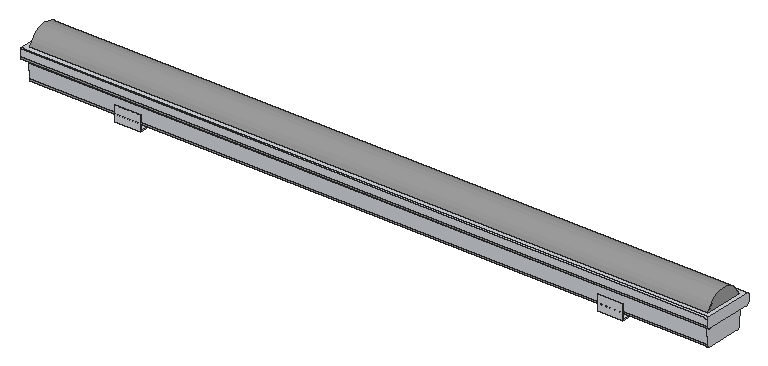
Revit family "0010236", category Lighting Fixtures, host Face, Revit 2017
Family settings
  Host = Face
  Round Connector Dimension = Use Diameter
  Part Type = Normal
  OmniClass Number = 23.80.70.00
  OmniClass Title = Lighting
  Cut with Voids When Loaded = No
  Light Source = Yes
  Shared = No
  Room Calculation Point = No
Parameters (values of type "0010236 RESISTO 1200 HE IP66 DALI 2800LM 840")
  Weight = "1.51 kg"
  Wattage Comments = ""
  Wattage = 18 W
  WarrantyStartDate [instance] = "n/a"
  WarrantyGuarantorParts = "n/a"
  WarrantyDurationUnit = "n/a"
  WarrantyDurationParts = "n/a"
  WarrantyDescription = "n/a"
  WIDTH_SYL = 44.5 mm
  built-in parameter 1150110 = 1 (stored number, unit not read)
  Voltage = 0 V
  URL = "http://www.sylvania-lighting.com"
  TypeName = "Resisto  1200 HE IP66 DALI 2800lm 840"
  Type Image = <None>
  Type Comments = "n/a"
  built-in parameter 1114217 = 1 (stored number, unit not read)
  Tilt Angle = -90.00°
  built-in parameter 1150109 = 1 (stored number, unit not read)
  built-in parameter 1150134 = 12
  TOP_WIDTH_SYL = 33.5 mm
  built-in parameter 1150113 = 1 (stored number, unit not read)
  SerialNumber [instance] = "n/a"
  Photometric Web File = "0010236.ies"
  Material_3_SYL = none
  PowerFactor = 0.98
  PowerConsumption = "18 W"
  NominalLength = 1200 mm
  NominalHeight = 80 mm
  NominalDepth = 87 mm
  Name = "Resisto  1200 HE IP66 DALI 2800lm 840"
  ModelReference = Name  # "Resisto  1200 HE IP66 DALI 2800lm 840"
  ModelNumber = "0010236"
  Model = Name  # "Resisto  1200 HE IP66 DALI 2800lm 840"
  Material = "pc polycarbonate housing, pc polycarbonate diffuser"
  ManufacturerName = "Feilo Sylvania"
  Manufacturer = "Feilo Sylvania"
  MID_WIDTH_SYL = 36 mm
  LuminousEfficacy = "156 lm/W"
  built-in parameter 1150105 = 922.88 (stored number, unit not read)
  Lumens = 2808 lm
  LuminaireType = ""
  built-in parameter 1150115 = 1 (stored number, unit not read)
  LightOutputRatio = "n/a"
  built-in parameter 1150137 = (empty or 0)
  built-in parameter 1150139 = (empty or 0)
  LampsType = Lamp  # "LED"
  LampNominalLuminous = "2800 lm"
  LampMacAdamStep = "3"
  LampColourTemperature = "4000 K"
  LampColourRenderingIndex = "80"
  built-in parameter 1150112 = 1 (stored number, unit not read)
  built-in parameter 1150114 = 1 (stored number, unit not read)
  Lamp = "LED"
  LENGHT_SYL = if(L1500_SYL, 742 mm, if(L1200_SYL, 592 mm, 317 mm))  # 592 mm
  LENGHT_CHAMFER_SYL = if(L1500_SYL, 750 mm, if(L1200_SYL, 600 mm, 325 mm))  # 600 mm
  LENGHT_650_SYL = 325 mm
  LENGHT-_SYL = if(L1500_SYL, -742 mm, if(L1200_SYL, -592 mm, -317 mm))  # -592 mm
  LENGHT-_CHAMFER_SYL = if(L1500_SYL, -750 mm, if(L1200_SYL, -600 mm, -325 mm))  # -600 mm
  LEGHT_650-_SYL = -325 mm
  LEGHT_1500_SYL = 750 mm
  LEGHT_1500-_SYL = -750 mm
  LEGHT_1200_SYL = 600 mm
  LEGHT_1200-_SYL = -600 mm
  L0650_SYL = no
  L1500_SYL = no
  L1200_SYL = yes
  Keynote = "16500"
  InstallationDate [instance] = "n/a"
  InputVoltage = "n/a"
  InputNominalFrequency = "n/a"
  built-in parameter 1150132 = (empty or 0)
  built-in parameter 1150102 = (empty or 0)
  built-in parameter 1150107 = 4000 (stored number, unit not read)
  built-in parameter 1150138 = (empty or 0)
  IngressProtection = "IP66"
  ImpactProtectionIndex = "IK08"
  built-in parameter 1150106 = 9.2288 (stored number, unit not read)
  IfcExportType = "IfcLightFixtureType"
  IfcExportAs = "IfcLightFixtureType"
  Emit from Circle Diameter = 609.6 mm
  Emit Shape Visible in Rendering = no
  ElectricShockClassification = "Class I"
  built-in parameter 1150104 = 14.493 (stored number, unit not read)
  DocumentationLiterature = "http://www.sylvania-lighting.com/product/en-int/products/0010236"
  DimmingControlOptions = "n/a"
  Material_2_SYL = none
  Dimming Lamp Color Temperature Shift = <None>
  Description = "Resisto, integrated LED weatherproof luminaire, with UV stabilized flat diffuser designed to achieve uniform lit appearance, optimise light output and to reduce glare. 301 stainless steel diffuser clips and fixing brackets for surface mounting. Polycarbonate housing and diffuser - no yellow discolouration over time. 2800lm; 18W; 156lm/W; 4000K; SDCM<3; DALI dimmable; CRI80; IP66; IK08; Class I; 69,000hrs (L80B20) lifespan; 1200mm x 89mm x 88mm; D-mark."
  Default Elevation = 1219.2 mm
  DIF_WIDHT_SYL = 35 mm
  DIF_HEIGHT_SYL = 24 mm
  CreatedOn = "3/10/2021"
  CreatedBy = "@sylvania-lighting.com"
  Cost = 0
  Color Filter = 16777215
  built-in parameter 1114216 [instance] = (empty or 0)
  ClassificationValue = "EF_70_80"
  ClassificationName = "Uniclass2015"
  Material_1_SYL = Default
  CHAMFER_SYL = 19 mm
  BarCode [instance] = "n/a"
  built-in parameter 1114218 = 1 (stored number, unit not read)
  BRACKET_WIDTH_SYL = BRACKET_DIST_SYL - 44 mm  # 400 mm
  BRACKET_HEIGHT_SYL = 9 mm
  BRACKET_DIST_SYL = LENGHT_CHAMFER_SYL - 156 mm  # 444 mm
  BODY_SYL = 36 mm
  built-in parameter 1150133 = 10 (stored number, unit not read)
  AssetType = "Fixed"
  AssetIdentifier [instance] = "n/a"
  Assembly Code = "D5020200"
  Apparent Load = 18 VA
  Material_4_SYL = none
Reference planes
  plane 1 "Center (Front/Back)": y = 0
  plane 2: z = 0
  plane 3 "Center (Left/Right)": x = 0
  plane 4: z = 9
  plane 5: z = 45
  plane 6: z = 64
  plane 7: z = 88
  plane 8: y = -44.5
  plane 9: y = 44.5
  plane 10: y = -35
  plane 11: y = 35
  plane 12: y = 33.5
  plane 13: y = -33.5
  plane 14: y = -36
  plane 15: y = 36
  plane 16: z = 1
Forms (mm)
  Extrusion 1, solid
    sketch origin (319, 1524, 1219.2) x (0, 1, 0) y (0, 0, 1)
      loop
        line (-1552.835, -1210.2) -> (-1495.165, -1210.2)
        arc (-1495.165, -1210.2) -> (-1491.754, -1208.856) -> (-1490.177, -1205.546) r 5
        line (-1490.177, -1205.546) -> (-1488.323, -1178.854) -> (-1488, -1174.2) -> (-1560, -1174.2) -> (-1559.677, -1178.854) -> (-1557.823, -1205.546)
        arc (-1557.823, -1205.546) -> (-1556.246, -1208.856) -> (-1552.835, -1210.2) r 5
    from -592 <- "LENGHT-_SYL" to 592 <- "LENGHT_SYL"
  Extrusion 2, solid, material "Default" <- "Material_1_SYL"
    sketch origin (319, 1524, 1219.2) x (0, 1, 0) y (0, 0, 1)
      loop
        arc (-1490.5, -1155.2) -> (-1524, -1131.2) -> (-1557.5, -1155.2) r 35.38
        line (-1557.5, -1155.2) -> (-1490.5, -1155.2)
    from -592 <- "LENGHT-_SYL" to 592 <- "LENGHT_SYL"
  Extrusion 3, solid
    sketch origin (319, 1524, 1219.2) x (0, 1, 0) y (0, 0, 1)
      loop
        line (-1481.5, -1155.2) -> (-1566.5, -1155.2)
        arc (-1566.5, -1155.2) -> (-1567.914, -1155.786) -> (-1568.5, -1157.2) r 2
        line (-1568.5, -1157.2) -> (-1568.5, -1169.2)
        arc (-1568.5, -1169.2) -> (-1567.036, -1172.736) -> (-1563.5, -1174.2) r 5
        line (-1563.5, -1174.2) -> (-1484.5, -1174.2)
        arc (-1484.5, -1174.2) -> (-1480.964, -1172.736) -> (-1479.5, -1169.2) r 5
        line (-1479.5, -1169.2) -> (-1479.5, -1157.2)
        arc (-1479.5, -1157.2) -> (-1480.086, -1155.786) -> (-1481.5, -1155.2) r 2
    from -600 <- "LENGHT-_CHAMFER_SYL" to 600 <- "LENGHT_CHAMFER_SYL"
  Extrusion 4, solid
    sketch origin (319, 1524, 1219.2) x (0, 1, 0) y (0, 0, 1)
      loop
        line (-1489, -1219.2) -> (-1489, -1192.216) -> (-1490.5, -1192.216) -> (-1490.5, -1218.2) -> (-1557.5, -1218.2) -> (-1557.5, -1192.172) -> (-1559, -1192.172) -> (-1559, -1219.2) -> (-1489, -1219.2)
    from 400 <- "BRACKET_WIDTH_SYL" to 444 <- "BRACKET_DIST_SYL"
  Extrusion 5, solid
    sketch origin (321, 1524, 1219.2) x (0, 1, 0) y (0, 0, -1)
      loop
        line (-1489, 1219.2) -> (-1559, 1219.2) -> (-1559, 1192.172) -> (-1557.5, 1192.172) -> (-1557.5, 1218.2) -> (-1490.5, 1218.2) -> (-1490.5, 1192.216) -> (-1489, 1192.216) -> (-1489, 1219.2)
    from 400 <- "BRACKET_WIDTH_SYL" to 444 <- "BRACKET_DIST_SYL"
Dimensions and locks
  "BRACKET_HEIGHT_SYL": plane 4 to host face
  "BODY_SYL": plane 4 to plane 5
  "CHAMFER_SYL": plane 5 to plane 6
  "DIF_HEIGHT_SYL": plane 6 to plane 7
  "WIDTH_SYL": plane 9 to plane 1 "Center (Front/Back)" to plane 8
  "DIF_WIDHT_SYL": plane 11 to plane 1 "Center (Front/Back)" to plane 10
  "TOP_WIDTH_SYL": plane 12 to plane 1 "Center (Front/Back)" to plane 13
  "MID_WIDTH_SYL": plane 15 to plane 1 "Center (Front/Back)" to plane 14
  aligned and locked: plane 2 to host face
  aligned and locked: level to host face
  aligned and locked: Extrusion 3 sketch curve to plane 6
  aligned and locked: Extrusion 3 sketch curve to plane 9
  aligned and locked: plane 5 to Extrusion 3 sketch curve
  aligned and locked: plane 8 to Extrusion 3 sketch curve
Automatic sketch dimensions
  host sketch curve to host sketch curve = 2438.4 mm  (x2)
  plane 5 to Extrusion 1 sketch curve = 0 mm
  Extrusion 1 sketch curve to plane 14 = 0 mm
  plane 4 to Extrusion 1 sketch curve = 0 mm
  Extrusion 1 sketch curve to plane 15 = 0 mm
  Extrusion 1 sketch curve to plane 14 = 0.323 mm
  plane 13 to Extrusion 1 sketch curve = 0.323 mm
  Extrusion 1 sketch curve to plane 13 = 4.665 mm
  plane 12 to Extrusion 1 sketch curve = 4.665 mm
  Extrusion 1 sketch curve to plane 12 = 0.323 mm
  plane 15 to Extrusion 1 sketch curve = 0.323 mm
  Extrusion 1 sketch curve to plane 4 = 4.654 mm  (x2)
  plane 5 to Extrusion 1 sketch curve = 4.654 mm  (x2)
  plane 6 to Extrusion 2 sketch curve = 0 mm
  Extrusion 2 sketch curve to plane 13 = 0 mm
  Extrusion 2 sketch curve to plane 1 "Center (Front/Back)" = 0 mm
  Extrusion 2 sketch curve to plane 5 = 7.62 mm
  Extrusion 3 sketch curve to plane 8 = 2 mm
  plane 14 to Extrusion 3 sketch curve = 3.5 mm
  Extrusion 3 sketch curve to plane 15 = 3.5 mm
  plane 6 to Extrusion 3 sketch curve = 2 mm
  Extrusion 4 sketch curve to level = 0 mm
  Extrusion 4 sketch curve to plane 10 = 0 mm
  Extrusion 4 sketch curve to plane 13 = 0 mm
  Extrusion 4 sketch curve to plane 12 = 0 mm
  Extrusion 4 sketch curve to plane 11 = 0 mm
  plane 16 to Extrusion 4 sketch curve = 0 mm
  Extrusion 4 sketch curve to plane 4 = 17.984 mm
  plane 5 to Extrusion 4 sketch curve = 17.972 mm
  Extrusion 5 sketch curve to level = 0 mm
  Extrusion 5 sketch curve to plane 10 = 0 mm
  Extrusion 5 sketch curve to plane 13 = 0 mm
  Extrusion 5 sketch curve to plane 12 = 0 mm
  Extrusion 5 sketch curve to plane 11 = 0 mm
  plane 16 to Extrusion 5 sketch curve = 0 mm
  Extrusion 5 sketch curve to plane 4 = 17.984 mm
  plane 5 to Extrusion 5 sketch curve = 17.972 mm
Connectors
  electrical at (-273, 0, 27)
    settings: on Extrusion 1, index 1, voltage 0 V, apparent load 0 VA, apparent load phase1 0 VA, apparent load phase2 0 VA, apparent load phase3 0 VA, power factor 1, load classification "Other", number of poles 1, system type 31, power factor state 1, is connector primary yes, connector utility no, sub classification motor no, connector description ""
Types (60, lengths in mm): name | Weight | Wattage | TypeName | built-in parameter 1150134 | Photometric Web File | PowerFactor | PowerConsumption | NominalLength | Name | ModelReference | ModelNumber | Model | LuminousEfficacy | built-in parameter 1150105 | Lumens | LampNominalLuminous | LampMacAdamStep | LampColourTemperature | LENGHT_SYL | LENGHT_CHAMFER_SYL | LENGHT-_SYL | LENGHT-_CHAMFER_SYL | L0650_SYL | L1500_SYL | L1200_SYL | built-in parameter 1150107 | built-in parameter 1150106 | built-in parameter 1150104 | DocumentationLiterature | Description | BRACKET_WIDTH_SYL | BRACKET_DIST_SYL | Apparent Load
  0010278 RESISTO 1500 HE IP66 8300LM 840 | "1.95 kg" | 54 W | "Resisto 1500 HE IP66 8300lm 840" | 12 | "0010278.ies" | 0.95 | "54 W" | 1500 | "Resisto 1500 HE IP66 8300lm 840" | "Resisto 1500 HE IP66 8300lm 840" | "0010278" | "Resisto 1500 HE IP66 8300lm 840" | "154 lm/W" | 2674.3 (stored number, unit not read) | 8316 lm | "8300 lm" | "3" | "4000 K" | 742 | 750 | -742 | -750 | no | yes | no | 4000 (stored number, unit not read) | 26.743 (stored number, unit not read) | 14.307 (stored number, unit not read) | "http://www.sylvania-lighting.com/product/en-int/products/0010278" | "Resisto, integrated LED weatherproof luminaire, with UV stabilized flat diffuser designed to achieve uniform lit appearance, optimise light output and to reduce glare. 301 stainless steel diffuser clips and fixing brackets for surface mounting. Polycarbonate housing and diffuser - no yellow discolouration over time. 8300lm; 54W; 154lm/W; 4000K; SDCM<3; non dimmable; CRI80; IP66; IK08; Class I; 69,000hrs (L80B20) lifespan; 1500mm x 89mm x 88mm; D-mark." | 550 | 594 | 54 VA
  0010274 RESISTO 1500 HE IP66 DALI 7100LM 840 | "2.01 kg" | 46 W | "Resisto 1500 HE IP66 DALI 7100lm 840" | 12 | "0010274.ies" | 0.98 | "46 W" | 1500 | "Resisto 1500 HE IP66 DALI 7100lm 840" | "Resisto 1500 HE IP66 DALI 7100lm 840" | "0010274" | "Resisto 1500 HE IP66 DALI 7100lm 840" | "154 lm/W" | 2362.2 (stored number, unit not read) | 7084 lm | "7100 lm" | "3" | "4000 K" | 742 | 750 | -742 | -750 | no | yes | no | 4000 (stored number, unit not read) | 23.622 (stored number, unit not read) | 14.307 (stored number, unit not read) | "http://www.sylvania-lighting.com/product/en-int/products/0010274" | "Resisto, integrated LED weatherproof luminaire, with UV stabilized flat diffuser designed to achieve uniform lit appearance, optimise light output and to reduce glare. 301 stainless steel diffuser clips and fixing brackets for surface mounting. Polycarbonate housing and diffuser - no yellow discolouration over time. 7100lm; 46W; 154lm/W; 4000K; SDCM<3; DALI dimmable; CRI80; IP66; IK08; Class I; 69,000hrs (L80B20) lifespan; 1500mm x 89mm x 88mm; D-mark." | 550 | 594 | 46 VA
  0010273 RESISTO 1500 HE IP66 DALI 4000LM 840 | "1.95 kg" | 25 W | "Resisto 1500 HE IP66 DALI 4000lm 840" | 12 | "0010273.ies" | 0.98 | "25 W" | 1500 | "Resisto 1500 HE IP66 DALI 4000lm 840" | "Resisto 1500 HE IP66 DALI 4000lm 840" | "0010273" | "Resisto 1500 HE IP66 DALI 4000lm 840" | "160 lm/W" | 1286.3 (stored number, unit not read) | 4000 lm | "4000 lm" | "3" | "4000 K" | 742 | 750 | -742 | -750 | no | yes | no | 4000 (stored number, unit not read) | 12.863 (stored number, unit not read) | 14.864 (stored number, unit not read) | "http://www.sylvania-lighting.com/product/en-int/products/0010273" | "Resisto, integrated LED weatherproof luminaire, with UV stabilized flat diffuser designed to achieve uniform lit appearance, optimise light output and to reduce glare. 301 stainless steel diffuser clips and fixing brackets for surface mounting. Polycarbonate housing and diffuser - no yellow discolouration over time. 4000lm; 25W; 160lm/W; 4000K; SDCM<3; DALI dimmable; CRI80; IP66; IK08; Class I; 69,000hrs (L80B20) lifespan; 1500mm x 89mm x 88mm; D-mark." | 550 | 594 | 25 VA
  0010272 RESISTO 1500 HE IP66 7100LM 840 EM | "2.58 kg" | 50 W | "Resisto 1500 HE IP66 7100lm 840 EM" | 12 | "0010272.ies" | 0.95 | "50 W" | 1500 | "Resisto 1500 HE IP66 7100lm 840 EM" | "Resisto 1500 HE IP66 7100lm 840 EM" | "0010272" | "Resisto 1500 HE IP66 7100lm 840 EM" | "142 lm/W" | 2367.5 (stored number, unit not read) | 7100 lm | "7100 lm" | "3" | "4000 K" | 742 | 750 | -742 | -750 | no | yes | no | 4000 (stored number, unit not read) | 23.675 (stored number, unit not read) | 13.192 (stored number, unit not read) | "http://www.sylvania-lighting.com/product/en-int/products/0010272" | "Resisto, integrated LED weatherproof luminaire, with UV stabilized flat diffuser designed to achieve uniform lit appearance, optimise light output and to reduce glare. 301 stainless steel diffuser clips and fixing brackets for surface mounting. Polycarbonate housing and diffuser - no yellow discolouration over time. 7100lm; 50W; 142lm/W; 4000K; SDCM<3; non dimmable; CRI80; IP66; IK08; Class I; 69,000hrs (L80B20) lifespan; 1500mm x 89mm x 88mm; D-mark; 3-hour maintained emergency batteries." | 550 | 594 | 50 VA
  0010271 RESISTO 1500 HE IP66 4000LM 840 EM | "2.51 kg" | 29 W | "Resisto 1500 HE IP66 4000lm 840 EM" | 12 | "0010271.ies" | 0.95 | "29 W" | 1500 | "Resisto 1500 HE IP66 4000lm 840 EM" | "Resisto 1500 HE IP66 4000lm 840 EM" | "0010271" | "Resisto 1500 HE IP66 4000lm 840 EM" | "138 lm/W" | 1287 (stored number, unit not read) | 4002 lm | "4000 lm" | "3" | "4000 K" | 742 | 750 | -742 | -750 | no | yes | no | 4000 (stored number, unit not read) | 12.87 (stored number, unit not read) | 12.821 (stored number, unit not read) | "http://www.sylvania-lighting.com/product/en-int/products/0010271" | "Resisto, integrated LED weatherproof luminaire, with UV stabilized flat diffuser designed to achieve uniform lit appearance, optimise light output and to reduce glare. 301 stainless steel diffuser clips and fixing brackets for surface mounting. Polycarbonate housing and diffuser - no yellow discolouration over time. 4000lm; 29W; 138lm/W; 4000K; SDCM<3; non dimmable; CRI80; IP66; IK08; Class I; 69,000hrs (L80B20) lifespan; 1500mm x 89mm x 88mm; D-mark; 3-hour maintained emergency batteries." | 550 | 594 | 29 VA
  0010269 RESISTO 1500 HE IP66 7100LM 840 | "1.95 kg" | 46 W | "Resisto  1500 HE IP66 7100lm 840" | 12 | "0010269.ies" | 0.95 | "46 W" | 1500 | "Resisto  1500 HE IP66 7100lm 840" | "Resisto  1500 HE IP66 7100lm 840" | "0010269" | "Resisto  1500 HE IP66 7100lm 840" | "154 lm/W" | 2362.2 (stored number, unit not read) | 7084 lm | "7100 lm" | "3" | "4000 K" | 742 | 750 | -742 | -750 | no | yes | no | 4000 (stored number, unit not read) | 23.622 (stored number, unit not read) | 14.307 (stored number, unit not read) | "http://www.sylvania-lighting.com/product/en-int/products/0010269" | "Resisto, integrated LED weatherproof luminaire, with UV stabilized flat diffuser designed to achieve uniform lit appearance, optimise light output and to reduce glare. 301 stainless steel diffuser clips and fixing brackets for surface mounting. Polycarbonate housing and diffuser - no yellow discolouration over time. 7100lm; 46W; 154lm/W; 4000K; SDCM<3; non dimmable; CRI80; IP66; IK08; Class I; 69,000hrs (L80B20) lifespan; 1500mm x 89mm x 88mm; D-mark." | 550 | 594 | 46 VA
  0010268 RESISTO 1500 HE IP66 4000LM 840 | "1.87 kg" | 25 W | "Resisto  1500 HE IP66 4000lm 840" | 12 | "0010268.ies" | 0.95 | "25 W" | 1500 | "Resisto  1500 HE IP66 4000lm 840" | "Resisto  1500 HE IP66 4000lm 840" | "0010268" | "Resisto  1500 HE IP66 4000lm 840" | "160 lm/W" | 1286.3 (stored number, unit not read) | 4000 lm | "4000 lm" | "3" | "4000 K" | 742 | 750 | -742 | -750 | no | yes | no | 4000 (stored number, unit not read) | 12.863 (stored number, unit not read) | 14.864 (stored number, unit not read) | "http://www.sylvania-lighting.com/product/en-int/products/0010268" | "Resisto, integrated LED weatherproof luminaire, with UV stabilized flat diffuser designed to achieve uniform lit appearance, optimise light output and to reduce glare. 301 stainless steel diffuser clips and fixing brackets for surface mounting. Polycarbonate housing and diffuser - no yellow discolouration over time. 4000lm; 25W; 160lm/W; 4000K; SDCM<3; non dimmable; CRI80; IP66; IK08; Class I; 69,000hrs (L80B20) lifespan; 1500mm x 89mm x 88mm; D-mark." | 550 | 594 | 25 VA
  0010261 RESISTO 1500 IP66 DALI 8300LM 840 | "2.01 kg" | 61 W | "Resisto  1500 IP66 DALI 8300lm 840" | 12 | "0010261.ies" | 0.99 | "61 W" | 1500 | "Resisto  1500 IP66 DALI 8300lm 840" | "Resisto  1500 IP66 DALI 8300lm 840" | "0010261" | "Resisto  1500 IP66 DALI 8300lm 840" | "136 lm/W" | 2792.8 (stored number, unit not read) | 8296 lm | "8300 lm" | "5" | "4000 K" | 742 | 750 | -742 | -750 | no | yes | no | 4000 (stored number, unit not read) | 27.928 (stored number, unit not read) | 12.635 (stored number, unit not read) | "http://www.sylvania-lighting.com/product/en-int/products/0010261" | "Resisto, integrated LED weatherproof luminaire, with UV stabilized flat diffuser designed to achieve uniform lit appearance, optimise light output and to reduce glare. 301 stainless steel diffuser clips and fixing brackets for surface mounting. Polycarbonate housing and diffuser - no yellow discolouration over time. 8300lm; 61W; 136lm/W; 4000K; SDCM<5; DALI dimmable; CRI80; IP66; IK08; Class I; 69,000hrs (L80B20) lifespan; 1500mm x 89mm x 88mm; D-mark." | 550 | 594 | 61 VA
  0010260 RESISTO 1500 IP66 DALI 7100LM 840 | "2.01 kg" | 52 W | "Resisto  1500 IP66 DALI 7100lm 840" | 12 | "0010260.ies" | 0.99 | "52 W" | 1500 | "Resisto  1500 IP66 DALI 7100lm 840" | "Resisto  1500 IP66 DALI 7100lm 840" | "0010260" | "Resisto  1500 IP66 DALI 7100lm 840" | "137 lm/W" | 2375.5 (stored number, unit not read) | 7124 lm | "7100 lm" | "5" | "4000 K" | 742 | 750 | -742 | -750 | no | yes | no | 4000 (stored number, unit not read) | 23.755 (stored number, unit not read) | 12.728 (stored number, unit not read) | "http://www.sylvania-lighting.com/product/en-int/products/0010260" | "Resisto, integrated LED weatherproof luminaire, with UV stabilized flat diffuser designed to achieve uniform lit appearance, optimise light output and to reduce glare. 301 stainless steel diffuser clips and fixing brackets for surface mounting. Polycarbonate housing and diffuser - no yellow discolouration over time. 7100lm; 52W; 137lm/W; 4000K; SDCM<5; DALI dimmable; CRI80; IP66; IK08; Class I; 69,000hrs (L80B20) lifespan; 1500mm x 89mm x 88mm; D-mark." | 550 | 594 | 52 VA
  0010259 RESISTO 1500 IP66 DALI 4000LM 840 | "1.95 kg" | 30 W | "Resisto  1500 IP66 DALI 4000lm 840" | 12 | "0010259.ies" | 0.98 | "30 W" | 1500 | "Resisto  1500 IP66 DALI 4000lm 840" | "Resisto  1500 IP66 DALI 4000lm 840" | "0010259" | "Resisto  1500 IP66 DALI 4000lm 840" | "133 lm/W" | 1283.1 (stored number, unit not read) | 3990 lm | "4000 lm" | "5" | "4000 K" | 742 | 750 | -742 | -750 | no | yes | no | 4000 (stored number, unit not read) | 12.831 (stored number, unit not read) | 12.356 (stored number, unit not read) | "http://www.sylvania-lighting.com/product/en-int/products/0010259" | "Resisto, integrated LED weatherproof luminaire, with UV stabilized flat diffuser designed to achieve uniform lit appearance, optimise light output and to reduce glare. 301 stainless steel diffuser clips and fixing brackets for surface mounting. Polycarbonate housing and diffuser - no yellow discolouration over time. 4000lm; 30W; 133lm/W; 4000K; SDCM<5; DALI dimmable; CRI80; IP66; IK08; Class I; 69,000hrs (L80B20) lifespan; 1500mm x 89mm x 88mm; D-mark." | 550 | 594 | 30 VA
  0010258 RESISTO 1500 IP66 MWCOR 7100LM 840 | "2.06 kg" | 52 W | "Resisto  1500 IP66 MWcor 7100lm 840" | 12 | "0010258.ies" | 0.99 | "52 W" | 1500 | "Resisto  1500 IP66 MWcor 7100lm 840" | "Resisto  1500 IP66 MWcor 7100lm 840" | "0010258" | "Resisto  1500 IP66 MWcor 7100lm 840" | "137 lm/W" | 2375.5 (stored number, unit not read) | 7124 lm | "7100 lm" | "5" | "4000 K" | 742 | 750 | -742 | -750 | no | yes | no | 4000 (stored number, unit not read) | 23.755 (stored number, unit not read) | 12.728 (stored number, unit not read) | "http://www.sylvania-lighting.com/product/en-int/products/0010258" | "Resisto, integrated LED weatherproof luminaire, with UV stabilized flat diffuser designed to achieve uniform lit appearance, optimise light output and to reduce glare. 301 stainless steel diffuser clips and fixing brackets for surface mounting. Polycarbonate housing and diffuser - no yellow discolouration over time. 7100lm; 52W; 137lm/W; 4000K; SDCM<5; non dimmable; CRI80; IP66; IK08; Class I; 69,000hrs (L80B20) lifespan; 1500mm x 89mm x 88mm; D-mark; corridor function with microwave presence sensor." | 550 | 594 | 52 VA
  0010257 RESISTO 1500 IP66 MWCOR 4000LM 840 | "2.0 kg" | 30 W | "Resisto  1500 IP66 MWcor 4000lm 840" | 12 | "0010257.ies" | 0.98 | "30 W" | 1500 | "Resisto  1500 IP66 MWcor 4000lm 840" | "Resisto  1500 IP66 MWcor 4000lm 840" | "0010257" | "Resisto  1500 IP66 MWcor 4000lm 840" | "133 lm/W" | 1283.1 (stored number, unit not read) | 3990 lm | "4000 lm" | "5" | "4000 K" | 742 | 750 | -742 | -750 | no | yes | no | 4000 (stored number, unit not read) | 12.831 (stored number, unit not read) | 12.356 (stored number, unit not read) | "http://www.sylvania-lighting.com/product/en-int/products/0010257" | "Resisto, integrated LED weatherproof luminaire, with UV stabilized flat diffuser designed to achieve uniform lit appearance, optimise light output and to reduce glare. 301 stainless steel diffuser clips and fixing brackets for surface mounting. Polycarbonate housing and diffuser - no yellow discolouration over time. 4000lm; 30W; 133lm/W; 4000K; SDCM<5; non dimmable; CRI80; IP66; IK08; Class I; 69,000hrs (L80B20) lifespan; 1500mm x 89mm x 88mm; D-mark; corridor function with microwave presence sensor." | 550 | 594 | 30 VA
  0010256 RESISTO 1500 IP66 MW 7100LM 840 | "2.0 kg" | 52 W | "Resisto  1500 IP66 MW 7100lm 840" | 12 | "0010256.ies" | 0.95 | "52 W" | 1500 | "Resisto  1500 IP66 MW 7100lm 840" | "Resisto  1500 IP66 MW 7100lm 840" | "0010256" | "Resisto  1500 IP66 MW 7100lm 840" | "137 lm/W" | 2375.5 (stored number, unit not read) | 7124 lm | "7100 lm" | "5" | "4000 K" | 742 | 750 | -742 | -750 | no | yes | no | 4000 (stored number, unit not read) | 23.755 (stored number, unit not read) | 12.728 (stored number, unit not read) | "http://www.sylvania-lighting.com/product/en-int/products/0010256" | "Resisto, integrated LED weatherproof luminaire, with UV stabilized flat diffuser designed to achieve uniform lit appearance, optimise light output and to reduce glare. 301 stainless steel diffuser clips and fixing brackets for surface mounting. Polycarbonate housing and diffuser - no yellow discolouration over time. 7100lm; 52W; 137lm/W; 4000K; SDCM<5; non dimmable; CRI80; IP66; IK08; Class I; 69,000hrs (L80B20) lifespan; 1500mm x 89mm x 88mm; D-mark; MW On/Off." | 550 | 594 | 52 VA
  0010255 RESISTO 1500 IP66 MW 4000LM 840 | "1.92 kg" | 30 W | "Resisto  1500 IP66 MW 4000lm 840" | 12 | "0010255.ies" | 0.95 | "30 W" | 1500 | "Resisto  1500 IP66 MW 4000lm 840" | "Resisto  1500 IP66 MW 4000lm 840" | "0010255" | "Resisto  1500 IP66 MW 4000lm 840" | "133 lm/W" | 1283.1 (stored number, unit not read) | 3990 lm | "4000 lm" | "5" | "4000 K" | 742 | 750 | -742 | -750 | no | yes | no | 4000 (stored number, unit not read) | 12.831 (stored number, unit not read) | 12.356 (stored number, unit not read) | "http://www.sylvania-lighting.com/product/en-int/products/0010255" | "Resisto, integrated LED weatherproof luminaire, with UV stabilized flat diffuser designed to achieve uniform lit appearance, optimise light output and to reduce glare. 301 stainless steel diffuser clips and fixing brackets for surface mounting. Polycarbonate housing and diffuser - no yellow discolouration over time. 4000lm; 30W; 133lm/W; 4000K; SDCM<5; non dimmable; CRI80; IP66; IK08; Class I; 69,000hrs (L80B20) lifespan; 1500mm x 89mm x 88mm; D-mark; MW On/Off." | 550 | 594 | 30 VA
  0010254 RESISTO 1500 IP66 7100LM 840 EM | "2.59 kg" | 56 W | "Resisto  1500 IP66 7100lm 840 EM" | 12 | "0010254.ies" | 0.95 | "56 W" | 1500 | "Resisto  1500 IP66 7100lm 840 EM" | "Resisto  1500 IP66 7100lm 840 EM" | "0010254" | "Resisto  1500 IP66 7100lm 840 EM" | "127 lm/W" | 2371.5 (stored number, unit not read) | 7112 lm | "7100 lm" | "5" | "4000 K" | 742 | 750 | -742 | -750 | no | yes | no | 4000 (stored number, unit not read) | 23.715 (stored number, unit not read) | 11.799 (stored number, unit not read) | "http://www.sylvania-lighting.com/product/en-int/products/0010254" | "Resisto, integrated LED weatherproof luminaire, with UV stabilized flat diffuser designed to achieve uniform lit appearance, optimise light output and to reduce glare. 301 stainless steel diffuser clips and fixing brackets for surface mounting. Polycarbonate housing and diffuser - no yellow discolouration over time. 7100lm; 56W; 127lm/W; 4000K; SDCM<5; non dimmable; CRI80; IP66; IK08; Class I; 69,000hrs (L80B20) lifespan; 1500mm x 89mm x 88mm; D-mark; 3-hour maintained emergency batteries." | 550 | 594 | 56 VA
  0010253 RESISTO 1500 IP66 4000LM 840 EM | "2.5 kg" | 34 W | "Resisto  1500 IP66 4000lm 840 EM" | 12 | "0010253.ies" | 0.95 | "34 W" | 1500 | "Resisto  1500 IP66 4000lm 840 EM" | "Resisto  1500 IP66 4000lm 840 EM" | "0010253" | "Resisto  1500 IP66 4000lm 840 EM" | "118 lm/W" | 1290.2 (stored number, unit not read) | 4012 lm | "4000 lm" | "5" | "4000 K" | 742 | 750 | -742 | -750 | no | yes | no | 4000 (stored number, unit not read) | 12.902 (stored number, unit not read) | 10.963 (stored number, unit not read) | "http://www.sylvania-lighting.com/product/en-int/products/0010253" | "Resisto, integrated LED weatherproof luminaire, with UV stabilized flat diffuser designed to achieve uniform lit appearance, optimise light output and to reduce glare. 301 stainless steel diffuser clips and fixing brackets for surface mounting. Polycarbonate housing and diffuser - no yellow discolouration over time. 4000lm; 34W; 118lm/W; 4000K; SDCM<5; non dimmable; CRI80; IP66; IK08; Class I; 69,000hrs (L80B20) lifespan; 1500mm x 89mm x 88mm; D-mark; 3-hour maintained emergency batteries." | 550 | 594 | 34 VA
  0010252 RESISTO 1500 IP66 7100LM 840 5XTH | "2.18 kg" | 52 W | "Resisto 1500 IP66 7100lm 840 5xTH" | 12 | "0010252.ies" | 0.95 | "52 W" | 1500 | "Resisto 1500 IP66 7100lm 840 5xTH" | "Resisto 1500 IP66 7100lm 840 5xTH" | "0010252" | "Resisto 1500 IP66 7100lm 840 5xTH" | "137 lm/W" | 2375.5 (stored number, unit not read) | 7124 lm | "7100 lm" | "5" | "4000 K" | 742 | 750 | -742 | -750 | no | yes | no | 4000 (stored number, unit not read) | 23.755 (stored number, unit not read) | 12.728 (stored number, unit not read) | "http://www.sylvania-lighting.com/product/en-int/products/0010252" | "Resisto, integrated LED weatherproof luminaire, with UV stabilized flat diffuser designed to achieve uniform lit appearance, optimise light output and to reduce glare. 301 stainless steel diffuser clips and fixing brackets for surface mounting. Polycarbonate housing and diffuser - no yellow discolouration over time. 7100lm; 52W; 137lm/W; 4000K; SDCM<5; non dimmable; CRI80; IP66; IK08; Class I; 69,000hrs (L80B20) lifespan; 1500mm x 89mm x 88mm; D-mark; through wiring." | 550 | 594 | 52 VA
  0010251 RESISTO 1500 IP66 4000LM 840 5XTH | "2.1 kg" | 30 W | "Resisto 1500 IP66 4000lm 840 5xTH" | 12 | "0010251.ies" | 0.95 | "30 W" | 1500 | "Resisto 1500 IP66 4000lm 840 5xTH" | "Resisto 1500 IP66 4000lm 840 5xTH" | "0010251" | "Resisto 1500 IP66 4000lm 840 5xTH" | "133 lm/W" | 1283.1 (stored number, unit not read) | 3990 lm | "4000 lm" | "5" | "4000 K" | 742 | 750 | -742 | -750 | no | yes | no | 4000 (stored number, unit not read) | 12.831 (stored number, unit not read) | 12.356 (stored number, unit not read) | "http://www.sylvania-lighting.com/product/en-int/products/0010251" | "Resisto, integrated LED weatherproof luminaire, with UV stabilized flat diffuser designed to achieve uniform lit appearance, optimise light output and to reduce glare. 301 stainless steel diffuser clips and fixing brackets for surface mounting. Polycarbonate housing and diffuser - no yellow discolouration over time. 4000lm; 30W; 133lm/W; 4000K; SDCM<5; non dimmable; CRI80; IP66; IK08; Class I; 69,000hrs (L80B20) lifespan; 1500mm x 89mm x 88mm; D-mark; through wiring." | 550 | 594 | 30 VA
  0010250 RESISTO 1500 IP66 7100LM 840 QC | "2.02 kg" | 52 W | "Resisto  1500 IP66 7100lm 840 QC" | 12 | "0010250.ies" | 0.95 | "52 W" | 1512 | "Resisto  1500 IP66 7100lm 840 QC" | "Resisto  1500 IP66 7100lm 840 QC" | "0010250" | "Resisto  1500 IP66 7100lm 840 QC" | "137 lm/W" | 2375.5 (stored number, unit not read) | 7124 lm | "7100 lm" | "5" | "4000 K" | 742 | 750 | -742 | -750 | no | yes | no | 4000 (stored number, unit not read) | 23.755 (stored number, unit not read) | 12.728 (stored number, unit not read) | "http://www.sylvania-lighting.com/product/en-int/products/0010250" | "Resisto, integrated LED weatherproof luminaire, with UV stabilized flat diffuser designed to achieve uniform lit appearance, optimise light output and to reduce glare. 301 stainless steel diffuser clips and fixing brackets for surface mounting. Polycarbonate housing and diffuser - no yellow discolouration over time. 7100lm; 52W; 137lm/W; 4000K; SDCM<5; non dimmable; CRI80; IP66; IK08; Class I; 69,000hrs (L80B20) lifespan; 1500mm x 89mm x 88mm; D-mark; assembled with quick connector." | 550 | 594 | 52 VA
  0010249 RESISTO 1500 IP66 4000LM 840 QC | "1.94 kg" | 30 W | "Resisto  1500 IP66 4000lm 840 QC" | 12 | "0010249.ies" | 0.95 | "30 W" | 1512 | "Resisto  1500 IP66 4000lm 840 QC" | "Resisto  1500 IP66 4000lm 840 QC" | "0010249" | "Resisto  1500 IP66 4000lm 840 QC" | "133 lm/W" | 1283.1 (stored number, unit not read) | 3990 lm | "4000 lm" | "5" | "4000 K" | 742 | 750 | -742 | -750 | no | yes | no | 4000 (stored number, unit not read) | 12.831 (stored number, unit not read) | 12.356 (stored number, unit not read) | "http://www.sylvania-lighting.com/product/en-int/products/0010249" | "Resisto, integrated LED weatherproof luminaire, with UV stabilized flat diffuser designed to achieve uniform lit appearance, optimise light output and to reduce glare. 301 stainless steel diffuser clips and fixing brackets for surface mounting. Polycarbonate housing and diffuser - no yellow discolouration over time. 4000lm; 30W; 133lm/W; 4000K; SDCM<5; non dimmable; CRI80; IP66; IK08; Class I; 69,000hrs (L80B20) lifespan; 1500mm x 89mm x 88mm; D-mark; assembled with quick connector." | 550 | 594 | 30 VA
  0010248 RESISTO 1500 IP66 8300LM 865 | "1.95 kg" | 61 W | "Resisto  1500 IP66 8300lm 865" | 1 | "0010248.ies" | 0.95 | "61 W" | 1500 | "Resisto  1500 IP66 8300lm 865" | "Resisto  1500 IP66 8300lm 865" | "0010248" | "Resisto  1500 IP66 8300lm 865" | "136 lm/W" | 2792.8 (stored number, unit not read) | 8296 lm | "8300 lm" | "5" | "6500 K" | 742 | 750 | -742 | -750 | no | yes | no | 6500 (stored number, unit not read) | 27.928 (stored number, unit not read) | 12.635 (stored number, unit not read) | "http://www.sylvania-lighting.com/product/en-int/products/0010248" | "Resisto, integrated LED weatherproof luminaire, with UV stabilized flat diffuser designed to achieve uniform lit appearance, optimise light output and to reduce glare. 301 stainless steel diffuser clips and fixing brackets for surface mounting. Polycarbonate housing and diffuser - no yellow discolouration over time. 8300lm; 61W; 136lm/W; 6500K; SDCM<5; non dimmable; CRI80; IP66; IK08; Class I; 69,000hrs (L80B20) lifespan; 1500mm x 89mm x 88mm; D-mark." | 550 | 594 | 61 VA
  0010247 RESISTO 1500 IP66 7100LM 865 | "1.95 kg" | 52 W | "Resisto  1500 IP66 7100lm 865" | 1 | "0010247.ies" | 0.95 | "52 W" | 1500 | "Resisto  1500 IP66 7100lm 865" | "Resisto  1500 IP66 7100lm 865" | "0010247" | "Resisto  1500 IP66 7100lm 865" | "137 lm/W" | 2375.5 (stored number, unit not read) | 7124 lm | "7100 lm" | "5" | "6500 K" | 742 | 750 | -742 | -750 | no | yes | no | 6500 (stored number, unit not read) | 23.755 (stored number, unit not read) | 12.728 (stored number, unit not read) | "http://www.sylvania-lighting.com/product/en-int/products/0010247" | "Resisto, integrated LED weatherproof luminaire, with UV stabilized flat diffuser designed to achieve uniform lit appearance, optimise light output and to reduce glare. 301 stainless steel diffuser clips and fixing brackets for surface mounting. Polycarbonate housing and diffuser - no yellow discolouration over time. 7100lm; 52W; 137lm/W; 6500K; SDCM<5; non dimmable; CRI80; IP66; IK08; Class I; 69,000hrs (L80B20) lifespan; 1500mm x 89mm x 88mm; D-mark." | 550 | 594 | 52 VA
  0010246 RESISTO 1500 IP66 4000LM 865 | "1.87 kg" | 30 W | "Resisto  1500 IP66 4000lm 865" | 1 | "0010246.ies" | 0.95 | "30 W" | 1500 | "Resisto  1500 IP66 4000lm 865" | "Resisto  1500 IP66 4000lm 865" | "0010246" | "Resisto  1500 IP66 4000lm 865" | "133 lm/W" | 1283.1 (stored number, unit not read) | 3990 lm | "4000 lm" | "5" | "6500 K" | 742 | 750 | -742 | -750 | no | yes | no | 6500 (stored number, unit not read) | 12.831 (stored number, unit not read) | 12.356 (stored number, unit not read) | "http://www.sylvania-lighting.com/product/en-int/products/0010246" | "Resisto, integrated LED weatherproof luminaire, with UV stabilized flat diffuser designed to achieve uniform lit appearance, optimise light output and to reduce glare. 301 stainless steel diffuser clips and fixing brackets for surface mounting. Polycarbonate housing and diffuser - no yellow discolouration over time. 4000lm; 30W; 133lm/W; 6500K; SDCM<5; non dimmable; CRI80; IP66; IK08; Class I; 69,000hrs (L80B20) lifespan; 1500mm x 89mm x 88mm; D-mark." | 550 | 594 | 30 VA
  0010245 RESISTO 1500 IP66 8300LM 840 | "15.48 kg" | 61 W | "Resisto  1500 IP66 8300lm 840" | 12 | "0010245.ies" | 0.95 | "61.0 W" | 1500 | "Resisto  1500 IP66 8300lm 840" | "Resisto  1500 IP66 8300lm 840" | "0010245" | "Resisto  1500 IP66 8300lm 840" | "136 lm/W" | -23179853.6 (stored number, unit not read) | 8296 lm | "8300 lm" | "5" | "4000 K" | 742 | 750 | -742 | -750 | no | yes | no | 4000 (stored number, unit not read) | -231798.5 (stored number, unit not read) | 12.635 (stored number, unit not read) | "http://www.sylvania-lighting.com/product/en-int/products/0010245" | "Resisto, integrated LED weatherproof luminaire, with UV stabilized flat diffuser designed to achieve uniform lit appearance, optimise light output and to reduce glare. 301 stainless steel diffuser clips and fixing brackets for surface mounting. Polycarbonate housing and diffuser - no yellow discolouration over time. 8300lm; 61W; 136lm/W; 4000K; SDCM<5; non dimmable; CRI80; IP66; IK08; Class I; 69,000hrs (L80B20) lifespan; 1500mm x 89mm x 88mm; D-mark." | 550 | 594 | 61 VA
  0010244 RESISTO 1500 IP66 7100LM 840 | "15.48 kg" | 52 W | "Resisto  1500 IP66 7100lm 840" | 12 | "0010244.ies" | 0.95 | "52.0 W" | 1500 | "Resisto  1500 IP66 7100lm 840" | "Resisto  1500 IP66 7100lm 840" | "0010244" | "Resisto  1500 IP66 7100lm 840" | "137 lm/W" | -16865856.3 (stored number, unit not read) | 7124 lm | "7100 lm" | "5" | "4000 K" | 742 | 750 | -742 | -750 | no | yes | no | 4000 (stored number, unit not read) | -168658.6 (stored number, unit not read) | 12.728 (stored number, unit not read) | "http://www.sylvania-lighting.com/product/en-int/products/0010244" | "Resisto, integrated LED weatherproof luminaire, with UV stabilized flat diffuser designed to achieve uniform lit appearance, optimise light output and to reduce glare. 301 stainless steel diffuser clips and fixing brackets for surface mounting. Polycarbonate housing and diffuser - no yellow discolouration over time. 7100lm; 52W; 137lm/W; 4000K; SDCM<5; non dimmable; CRI80; IP66; IK08; Class I; 69,000hrs (L80B20) lifespan; 1500mm x 89mm x 88mm; D-mark." | 550 | 594 | 52 VA
  0010243 RESISTO 1500 IP66 4000LM 840 | "1.87 kg" | 30 W | "Resisto  1500 IP66 4000lm 840" | 12 | "0010243.ies" | 0.95 | "30 W" | 1500 | "Resisto  1500 IP66 4000lm 840" | "Resisto  1500 IP66 4000lm 840" | "0010243" | "Resisto  1500 IP66 4000lm 840" | "133 lm/W" | 1283.1 (stored number, unit not read) | 3990 lm | "4000 lm" | "5" | "4000 K" | 742 | 750 | -742 | -750 | no | yes | no | 4000 (stored number, unit not read) | 12.831 (stored number, unit not read) | 12.356 (stored number, unit not read) | "http://www.sylvania-lighting.com/product/en-int/products/0010243" | "Resisto, integrated LED weatherproof luminaire, with UV stabilized flat diffuser designed to achieve uniform lit appearance, optimise light output and to reduce glare. 301 stainless steel diffuser clips and fixing brackets for surface mounting. Polycarbonate housing and diffuser - no yellow discolouration over time. 4000lm; 30W; 133lm/W; 4000K; SDCM<5; non dimmable; CRI80; IP66; IK08; Class I; 69,000hrs (L80B20) lifespan; 1500mm x 89mm x 88mm; D-mark." | 550 | 594 | 30 VA
  0010242 RESISTO 1500 IP66 8300LM 830 | "1.95 kg" | 61 W | "Resisto  1500 IP66 8300lm 830" | (empty or 0) | "0010242.ies" | 0.95 | "61 W" | 1500 | "Resisto  1500 IP66 8300lm 830" | "Resisto  1500 IP66 8300lm 830" | "0010242" | "Resisto  1500 IP66 8300lm 830" | "136 lm/W" | 2792.8 (stored number, unit not read) | 8296 lm | "8300 lm" | "5" | "3000 K" | 742 | 750 | -742 | -750 | no | yes | no | 3000 (stored number, unit not read) | 27.928 (stored number, unit not read) | 12.635 (stored number, unit not read) | "http://www.sylvania-lighting.com/product/en-int/products/0010242" | "Resisto, integrated LED weatherproof luminaire, with UV stabilized flat diffuser designed to achieve uniform lit appearance, optimise light output and to reduce glare. 301 stainless steel diffuser clips and fixing brackets for surface mounting. Polycarbonate housing and diffuser - no yellow discolouration over time. 8300lm; 61W; 136lm/W; 3000K; SDCM<5; non dimmable; CRI80; IP66; IK08; Class I; 69,000hrs (L80B20) lifespan; 1500mm x 89mm x 88mm; D-mark." | 550 | 594 | 61 VA
  0010241 RESISTO 1500 IP66 7100LM 830 | "1.95 kg" | 52 W | "Resisto  1500 IP66 7100lm 830" | (empty or 0) | "0010241.ies" | 0.95 | "52 W" | 1500 | "Resisto  1500 IP66 7100lm 830" | "Resisto  1500 IP66 7100lm 830" | "0010241" | "Resisto  1500 IP66 7100lm 830" | "137 lm/W" | 2375.5 (stored number, unit not read) | 7124 lm | "7100 lm" | "5" | "3000 K" | 742 | 750 | -742 | -750 | no | yes | no | 3000 (stored number, unit not read) | 23.755 (stored number, unit not read) | 12.728 (stored number, unit not read) | "http://www.sylvania-lighting.com/product/en-int/products/0010241" | "Resisto, integrated LED weatherproof luminaire, with UV stabilized flat diffuser designed to achieve uniform lit appearance, optimise light output and to reduce glare. 301 stainless steel diffuser clips and fixing brackets for surface mounting. Polycarbonate housing and diffuser - no yellow discolouration over time. 7100lm; 52W; 137lm/W; 3000K; SDCM<5; non dimmable; CRI80; IP66; IK08; Class I; 69,000hrs (L80B20) lifespan; 1500mm x 89mm x 88mm; D-mark." | 550 | 594 | 52 VA
  0010240 RESISTO 1500 IP66 4000LM 830 | "1.87 kg" | 30 W | "Resisto  1500 IP66 4000lm 830" | (empty or 0) | "0010240.ies" | 0.95 | "30 W" | 1500 | "Resisto  1500 IP66 4000lm 830" | "Resisto  1500 IP66 4000lm 830" | "0010240" | "Resisto  1500 IP66 4000lm 830" | "133 lm/W" | 1283.1 (stored number, unit not read) | 3990 lm | "4000 lm" | "5" | "3000 K" | 742 | 750 | -742 | -750 | no | yes | no | 3000 (stored number, unit not read) | 12.831 (stored number, unit not read) | 12.356 (stored number, unit not read) | "http://www.sylvania-lighting.com/product/en-int/products/0010240" | "Resisto, integrated LED weatherproof luminaire, with UV stabilized flat diffuser designed to achieve uniform lit appearance, optimise light output and to reduce glare. 301 stainless steel diffuser clips and fixing brackets for surface mounting. Polycarbonate housing and diffuser - no yellow discolouration over time. 4000lm; 30W; 133lm/W; 3000K; SDCM<5; non dimmable; CRI80; IP66; IK08; Class I; 69,000hrs (L80B20) lifespan; 1500mm x 89mm x 88mm; D-mark." | 550 | 594 | 30 VA
  0010237 RESISTO 1200 HE IP66 DALI 4800LM 840 | "1.59 kg" | 31 W | "Resisto  1200 HE IP66 DALI 4800lm 840" | 12 | "0010237.ies" | 0.98 | "31 W" | 1200 | "Resisto  1200 HE IP66 DALI 4800lm 840" | "Resisto  1200 HE IP66 DALI 4800lm 840" | "0010237" | "Resisto  1200 HE IP66 DALI 4800lm 840" | "155 lm/W" | 1587 (stored number, unit not read) | 4805 lm | "4800 lm" | "3" | "4000 K" | 592 | 600 | -592 | -600 | no | no | yes | 4000 (stored number, unit not read) | 15.87 (stored number, unit not read) | 14.4 (stored number, unit not read) | "http://www.sylvania-lighting.com/product/en-int/products/0010237" | "Resisto, integrated LED weatherproof luminaire, with UV stabilized flat diffuser designed to achieve uniform lit appearance, optimise light output and to reduce glare. 301 stainless steel diffuser clips and fixing brackets for surface mounting. Polycarbonate housing and diffuser - no yellow discolouration over time. 4800lm; 31W; 155lm/W; 4000K; SDCM<3; DALI dimmable; CRI80; IP66; IK08; Class I; 69,000hrs (L80B20) lifespan; 1200mm x 89mm x 88mm; D-mark." | 400 | 444 | 31 VA
  0010236 RESISTO 1200 HE IP66 DALI 2800LM 840 | "1.51 kg" | 18 W | "Resisto  1200 HE IP66 DALI 2800lm 840" | 12 | "0010236.ies" | 0.98 | "18 W" | 1200 | "Resisto  1200 HE IP66 DALI 2800lm 840" | "Resisto  1200 HE IP66 DALI 2800lm 840" | "0010236" | "Resisto  1200 HE IP66 DALI 2800lm 840" | "156 lm/W" | 922.88 (stored number, unit not read) | 2808 lm | "2800 lm" | "3" | "4000 K" | 592 | 600 | -592 | -600 | no | no | yes | 4000 (stored number, unit not read) | 9.2288 (stored number, unit not read) | 14.493 (stored number, unit not read) | "http://www.sylvania-lighting.com/product/en-int/products/0010236" | "Resisto, integrated LED weatherproof luminaire, with UV stabilized flat diffuser designed to achieve uniform lit appearance, optimise light output and to reduce glare. 301 stainless steel diffuser clips and fixing brackets for surface mounting. Polycarbonate housing and diffuser - no yellow discolouration over time. 2800lm; 18W; 156lm/W; 4000K; SDCM<3; DALI dimmable; CRI80; IP66; IK08; Class I; 69,000hrs (L80B20) lifespan; 1200mm x 89mm x 88mm; D-mark." | 400 | 444 | 18 VA
  0010235 RESISTO 1200 HE IP66 4800LM 840 EM | "2.12 kg" | 35 W | "Resisto  1200 HE IP66 4800lm 840 EM" | 12 | "0010235.ies" | 0.95 | "35 W" | 1200 | "Resisto  1200 HE IP66 4800lm 840 EM" | "Resisto  1200 HE IP66 4800lm 840 EM" | "0010235" | "Resisto  1200 HE IP66 4800lm 840 EM" | "137 lm/W" | 1583.6 (stored number, unit not read) | 4795 lm | "4800 lm" | "3" | "4000 K" | 592 | 600 | -592 | -600 | no | no | yes | 4000 (stored number, unit not read) | 15.836 (stored number, unit not read) | 12.728 (stored number, unit not read) | "http://www.sylvania-lighting.com/product/en-int/products/0010235" | "Resisto, integrated LED weatherproof luminaire, with UV stabilized flat diffuser designed to achieve uniform lit appearance, optimise light output and to reduce glare. 301 stainless steel diffuser clips and fixing brackets for surface mounting. Polycarbonate housing and diffuser - no yellow discolouration over time. 4800lm; 35W; 137lm/W; 4000K; SDCM<3; non dimmable; CRI80; IP66; IK08; Class I; 69,000hrs (L80B20) lifespan; 1200mm x 89mm x 88mm; D-mark; 3-hour maintained emergency batteries." | 400 | 444 | 35 VA
  0010234 RESISTO 1200 HE IP66 2800LM 840 EM | "2.12 kg" | 22 W | "Resisto  1200 HE IP66 2800lm 840 EM" | 12 | "0010234.ies" | 0.95 | "22 W" | 1200 | "Resisto  1200 HE IP66 2800lm 840 EM" | "Resisto  1200 HE IP66 2800lm 840 EM" | "0010234" | "Resisto  1200 HE IP66 2800lm 840 EM" | "127 lm/W" | 918.28 (stored number, unit not read) | 2794 lm | "2800 lm" | "3" | "4000 K" | 592 | 600 | -592 | -600 | no | no | yes | 4000 (stored number, unit not read) | 9.1828 (stored number, unit not read) | 11.799 (stored number, unit not read) | "http://www.sylvania-lighting.com/product/en-int/products/0010234" | "Resisto, integrated LED weatherproof luminaire, with UV stabilized flat diffuser designed to achieve uniform lit appearance, optimise light output and to reduce glare. 301 stainless steel diffuser clips and fixing brackets for surface mounting. Polycarbonate housing and diffuser - no yellow discolouration over time. 2800lm; 22W; 127lm/W; 4000K; SDCM<3; non dimmable; CRI80; IP66; IK08; Class I; 69,000hrs (L80B20) lifespan; 1200mm x 89mm x 88mm; D-mark; 3-hour maintained emergency batteries." | 400 | 444 | 22 VA
  0010233 RESISTO 1200 HE IP66 4800LM 840 | "1.51 kg" | 31 W | "Resisto  1200 HE IP66 4800lm 840" | 12 | "0010233.ies" | 0.95 | "31 W" | 1200 | "Resisto  1200 HE IP66 4800lm 840" | "Resisto  1200 HE IP66 4800lm 840" | "0010233" | "Resisto  1200 HE IP66 4800lm 840" | "155 lm/W" | 1587 (stored number, unit not read) | 4805 lm | "4800 lm" | "3" | "4000 K" | 592 | 600 | -592 | -600 | no | no | yes | 4000 (stored number, unit not read) | 15.87 (stored number, unit not read) | 14.4 (stored number, unit not read) | "http://www.sylvania-lighting.com/product/en-int/products/0010233" | "Resisto, integrated LED weatherproof luminaire, with UV stabilized flat diffuser designed to achieve uniform lit appearance, optimise light output and to reduce glare. 301 stainless steel diffuser clips and fixing brackets for surface mounting. Polycarbonate housing and diffuser - no yellow discolouration over time. 4800lm; 31W; 155lm/W; 4000K; SDCM<3; non dimmable; CRI80; IP66; IK08; Class I; 69,000hrs (L80B20) lifespan; 1200mm x 89mm x 88mm; D-mark." | 400 | 444 | 31 VA
  0010232 RESISTO 1200 HE IP66 2800LM 840 | "1.5 kg" | 18 W | "Resisto  1200 HE IP66 2800lm 840" | 12 | "0010232.ies" | 0.95 | "18 W" | 1200 | "Resisto  1200 HE IP66 2800lm 840" | "Resisto  1200 HE IP66 2800lm 840" | "0010232" | "Resisto  1200 HE IP66 2800lm 840" | "156 lm/W" | 922.88 (stored number, unit not read) | 2808 lm | "2800 lm" | "3" | "4000 K" | 592 | 600 | -592 | -600 | no | no | yes | 4000 (stored number, unit not read) | 9.2288 (stored number, unit not read) | 14.493 (stored number, unit not read) | "http://www.sylvania-lighting.com/product/en-int/products/0010232" | "Resisto, integrated LED weatherproof luminaire, with UV stabilized flat diffuser designed to achieve uniform lit appearance, optimise light output and to reduce glare. 301 stainless steel diffuser clips and fixing brackets for surface mounting. Polycarbonate housing and diffuser - no yellow discolouration over time. 2800lm; 18W; 156lm/W; 4000K; SDCM<3; non dimmable; CRI80; IP66; IK08; Class I; 69,000hrs (L80B20) lifespan; 1200mm x 89mm x 88mm; D-mark." | 400 | 444 | 18 VA
  0010225 RESISTO 1200 IP66 DALI 4800LM 840 | "1.62 kg" | 35 W | "Resisto  1200 IP66 DALI 4800lm 840" | 12 | "0010225.ies" | 0.98 | "35 W" | 1200 | "Resisto  1200 IP66 DALI 4800lm 840" | "Resisto  1200 IP66 DALI 4800lm 840" | "0010225" | "Resisto  1200 IP66 DALI 4800lm 840" | "137 lm/W" | 1583.6 (stored number, unit not read) | 4795 lm | "4800 lm" | "5" | "4000 K" | 592 | 600 | -592 | -600 | no | no | yes | 4000 (stored number, unit not read) | 15.836 (stored number, unit not read) | 12.728 (stored number, unit not read) | "http://www.sylvania-lighting.com/product/en-int/products/0010225" | "Resisto, integrated LED weatherproof luminaire, with UV stabilized flat diffuser designed to achieve uniform lit appearance, optimise light output and to reduce glare. 301 stainless steel diffuser clips and fixing brackets for surface mounting. Polycarbonate housing and diffuser - no yellow discolouration over time. 4800lm; 35W; 137lm/W; 4000K; SDCM<5; DALI dimmable; CRI80; IP66; IK08; Class I; 69,000hrs (L80B20) lifespan; 1200mm x 89mm x 88mm; D-mark." | 400 | 444 | 35 VA
  0010224 RESISTO 1200 IP66 DALI 2800LM 840 | "1.59 kg" | 21 W | "Resisto  1200 IP66 DALI 2800lm 840" | 12 | "0010224.ies" | 0.98 | "21 W" | 1200 | "Resisto  1200 IP66 DALI 2800lm 840" | "Resisto  1200 IP66 DALI 2800lm 840" | "0010224" | "Resisto  1200 IP66 DALI 2800lm 840" | "133 lm/W" | 917.95 (stored number, unit not read) | 2793 lm | "2800 lm" | "5" | "4000 K" | 592 | 600 | -592 | -600 | no | no | yes | 4000 (stored number, unit not read) | 9.1795 (stored number, unit not read) | 12.356 (stored number, unit not read) | "http://www.sylvania-lighting.com/product/en-int/products/0010224" | "Resisto, integrated LED weatherproof luminaire, with UV stabilized flat diffuser designed to achieve uniform lit appearance, optimise light output and to reduce glare. 301 stainless steel diffuser clips and fixing brackets for surface mounting. Polycarbonate housing and diffuser - no yellow discolouration over time. 2800lm; 21W; 133lm/W; 4000K; SDCM<5; DALI dimmable; CRI80; IP66; IK08; Class I; 69,000hrs (L80B20) lifespan; 1200mm x 89mm x 88mm; D-mark." | 400 | 444 | 21 VA
  0010223 RESISTO 1200 IP66 MWCOR 4800LM 840 | "1.72 kg" | 35 W | "Resisto  1200 IP66 MWcor 4800lm 840" | 12 | "0010223.ies" | 0.98 | "35 W" | 1200 | "Resisto  1200 IP66 MWcor 4800lm 840" | "Resisto  1200 IP66 MWcor 4800lm 840" | "0010223" | "Resisto  1200 IP66 MWcor 4800lm 840" | "137 lm/W" | 1583.6 (stored number, unit not read) | 4795 lm | "4800 lm" | "5" | "4000 K" | 592 | 600 | -592 | -600 | no | no | yes | 4000 (stored number, unit not read) | 15.836 (stored number, unit not read) | 12.728 (stored number, unit not read) | "http://www.sylvania-lighting.com/product/en-int/products/0010223" | "Resisto, integrated LED weatherproof luminaire, with UV stabilized flat diffuser designed to achieve uniform lit appearance, optimise light output and to reduce glare. 301 stainless steel diffuser clips and fixing brackets for surface mounting. Polycarbonate housing and diffuser - no yellow discolouration over time. 4800lm; 35W; 137lm/W; 4000K; SDCM<5; non dimmable; CRI80; IP66; IK08; Class I; 69,000hrs (L80B20) lifespan; 1200mm x 89mm x 88mm; D-mark; corridor function with microwave presence sensor." | 400 | 444 | 35 VA
  0010222 RESISTO 1200 IP66 MWCOR 2800LM 840 | "1.64 kg" | 21 W | "Resisto  1200 IP66 MWcor 2800lm 840" | 12 | "0010222.ies" | 0.98 | "21 W" | 1200 | "Resisto  1200 IP66 MWcor 2800lm 840" | "Resisto  1200 IP66 MWcor 2800lm 840" | "0010222" | "Resisto  1200 IP66 MWcor 2800lm 840" | "133 lm/W" | 917.95 (stored number, unit not read) | 2793 lm | "2800 lm" | "5" | "4000 K" | 592 | 600 | -592 | -600 | no | no | yes | 4000 (stored number, unit not read) | 9.1795 (stored number, unit not read) | 12.356 (stored number, unit not read) | "http://www.sylvania-lighting.com/product/en-int/products/0010222" | "Resisto, integrated LED weatherproof luminaire, with UV stabilized flat diffuser designed to achieve uniform lit appearance, optimise light output and to reduce glare. 301 stainless steel diffuser clips and fixing brackets for surface mounting. Polycarbonate housing and diffuser - no yellow discolouration over time. 2800lm; 21W; 133lm/W; 4000K; SDCM<5; non dimmable; CRI80; IP66; IK08; Class I; 69,000hrs (L80B20) lifespan; 1200mm x 89mm x 88mm; D-mark; corridor function with microwave presence sensor." | 400 | 444 | 21 VA
  0010221 RESISTO 1200 IP66 MW 4800LM 840 | "1.59 kg" | 35 W | "Resisto  1200 IP66 MW 4800lm 840" | 12 | "0010221.ies" | 0.95 | "35 W" | 1200 | "Resisto  1200 IP66 MW 4800lm 840" | "Resisto  1200 IP66 MW 4800lm 840" | "0010221" | "Resisto  1200 IP66 MW 4800lm 840" | "137 lm/W" | 1583.6 (stored number, unit not read) | 4795 lm | "4800 lm" | "5" | "4000 K" | 592 | 600 | -592 | -600 | no | no | yes | 4000 (stored number, unit not read) | 15.836 (stored number, unit not read) | 12.728 (stored number, unit not read) | "http://www.sylvania-lighting.com/product/en-int/products/0010221" | "Resisto, integrated LED weatherproof luminaire, with UV stabilized flat diffuser designed to achieve uniform lit appearance, optimise light output and to reduce glare. 301 stainless steel diffuser clips and fixing brackets for surface mounting. Polycarbonate housing and diffuser - no yellow discolouration over time. 4800lm; 35W; 137lm/W; 4000K; SDCM<5; non dimmable; CRI80; IP66; IK08; Class I; 69,000hrs (L80B20) lifespan; 1200mm x 89mm x 88mm; D-mark; MW On/Off." | 400 | 444 | 35 VA
  0010220 RESISTO 1200 IP66 MW 2800LM 840 | "1.55 kg" | 21 W | "Resisto  1200 IP66 MW 2800lm 840" | 12 | "0010220.ies" | 0.95 | "21 W" | 1200 | "Resisto  1200 IP66 MW 2800lm 840" | "Resisto  1200 IP66 MW 2800lm 840" | "0010220" | "Resisto  1200 IP66 MW 2800lm 840" | "133 lm/W" | 917.95 (stored number, unit not read) | 2793 lm | "2800 lm" | "5" | "4000 K" | 592 | 600 | -592 | -600 | no | no | yes | 4000 (stored number, unit not read) | 9.1795 (stored number, unit not read) | 12.356 (stored number, unit not read) | "http://www.sylvania-lighting.com/product/en-int/products/0010220" | "Resisto, integrated LED weatherproof luminaire, with UV stabilized flat diffuser designed to achieve uniform lit appearance, optimise light output and to reduce glare. 301 stainless steel diffuser clips and fixing brackets for surface mounting. Polycarbonate housing and diffuser - no yellow discolouration over time. 2800lm; 21W; 133lm/W; 4000K; SDCM<5; non dimmable; CRI80; IP66; IK08; Class I; 69,000hrs (L80B20) lifespan; 1200mm x 89mm x 88mm; D-mark; MW On/Off." | 400 | 444 | 21 VA
  0010219 RESISTO 1200 IP66 4800LM 840 EM | "2.16 kg" | 39 W | "Resisto  1200 IP66 4800lm 840 EM" | 12 | "0010219.ies" | 0.95 | "39 W" | 1200 | "Resisto  1200 IP66 4800lm 840 EM" | "Resisto  1200 IP66 4800lm 840 EM" | "0010219" | "Resisto  1200 IP66 4800lm 840 EM" | "123 lm/W" | 1584.3 (stored number, unit not read) | 4797 lm | "4800 lm" | "5" | "4000 K" | 592 | 600 | -592 | -600 | no | no | yes | 4000 (stored number, unit not read) | 15.843 (stored number, unit not read) | 11.427 (stored number, unit not read) | "http://www.sylvania-lighting.com/product/en-int/products/0010219" | "Resisto, integrated LED weatherproof luminaire, with UV stabilized flat diffuser designed to achieve uniform lit appearance, optimise light output and to reduce glare. 301 stainless steel diffuser clips and fixing brackets for surface mounting. Polycarbonate housing and diffuser - no yellow discolouration over time. 4800lm; 39W; 123lm/W; 4000K; SDCM<5; non dimmable; CRI80; IP66; IK08; Class I; 69,000hrs (L80B20) lifespan; 1200mm x 89mm x 88mm; D-mark; 3-hour maintained emergency batteries." | 400 | 444 | 39 VA
  0010218 RESISTO 1200 IP66 2800LM 840 EM | "2.12 kg" | 25 W | "Resisto  1200 IP66 2800lm 840 EM" | 12 | "0010218.ies" | 0.95 | "25 W" | 1200 | "Resisto  1200 IP66 2800lm 840 EM" | "Resisto  1200 IP66 2800lm 840 EM" | "0010218" | "Resisto  1200 IP66 2800lm 840 EM" | "112 lm/W" | 920.25 (stored number, unit not read) | 2800 lm | "2800 lm" | "5" | "4000 K" | 592 | 600 | -592 | -600 | no | no | yes | 4000 (stored number, unit not read) | 9.2025 (stored number, unit not read) | 10.405 (stored number, unit not read) | "http://www.sylvania-lighting.com/product/en-int/products/0010218" | "Resisto, integrated LED weatherproof luminaire, with UV stabilized flat diffuser designed to achieve uniform lit appearance, optimise light output and to reduce glare. 301 stainless steel diffuser clips and fixing brackets for surface mounting. Polycarbonate housing and diffuser - no yellow discolouration over time. 2800lm; 25W; 112lm/W; 4000K; SDCM<5; non dimmable; CRI80; IP66; IK08; Class I; 69,000hrs (L80B20) lifespan; 1200mm x 89mm x 88mm; D-mark; 3-hour maintained emergency batteries." | 400 | 444 | 25 VA
  0010217 RESISTO 1200 IP66 4800LM 840 5XTH | "1.72 kg" | 35 W | "Resisto 1200 IP66 4800lm 840 5xTH" | 12 | "0010217.ies" | 0.95 | "35 W" | 1200 | "Resisto 1200 IP66 4800lm 840 5xTH" | "Resisto 1200 IP66 4800lm 840 5xTH" | "0010217" | "Resisto 1200 IP66 4800lm 840 5xTH" | "137 lm/W" | 1583.6 (stored number, unit not read) | 4795 lm | "4800 lm" | "5" | "4000 K" | 592 | 600 | -592 | -600 | no | no | yes | 4000 (stored number, unit not read) | 15.836 (stored number, unit not read) | 12.728 (stored number, unit not read) | "http://www.sylvania-lighting.com/product/en-int/products/0010217" | "Resisto, integrated LED weatherproof luminaire, with UV stabilized flat diffuser designed to achieve uniform lit appearance, optimise light output and to reduce glare. 301 stainless steel diffuser clips and fixing brackets for surface mounting. Polycarbonate housing and diffuser - no yellow discolouration over time. 4800lm; 35W; 137lm/W; 4000K; SDCM<5; non dimmable; CRI80; IP66; IK08; Class I; 69,000hrs (L80B20) lifespan; 1200mm x 89mm x 88mm; D-mark; through wiring." | 400 | 444 | 35 VA
  0010216 RESISTO 1200 IP66 2800LM 840 5XTH | "1.68 kg" | 21 W | "Resisto 1200 IP66 2800lm 840 5xTH" | 12 | "0010216.ies" | 0.95 | "21 W" | 1200 | "Resisto 1200 IP66 2800lm 840 5xTH" | "Resisto 1200 IP66 2800lm 840 5xTH" | "0010216" | "Resisto 1200 IP66 2800lm 840 5xTH" | "133 lm/W" | 917.95 (stored number, unit not read) | 2793 lm | "2800 lm" | "5" | "4000 K" | 592 | 600 | -592 | -600 | no | no | yes | 4000 (stored number, unit not read) | 9.1795 (stored number, unit not read) | 12.356 (stored number, unit not read) | "http://www.sylvania-lighting.com/product/en-int/products/0010216" | "Resisto, integrated LED weatherproof luminaire, with UV stabilized flat diffuser designed to achieve uniform lit appearance, optimise light output and to reduce glare. 301 stainless steel diffuser clips and fixing brackets for surface mounting. Polycarbonate housing and diffuser - no yellow discolouration over time. 2800lm; 21W; 133lm/W; 4000K; SDCM<5; non dimmable; CRI80; IP66; IK08; Class I; 69,000hrs (L80B20) lifespan; 1200mm x 89mm x 88mm; D-mark; through wiring." | 400 | 444 | 21 VA
